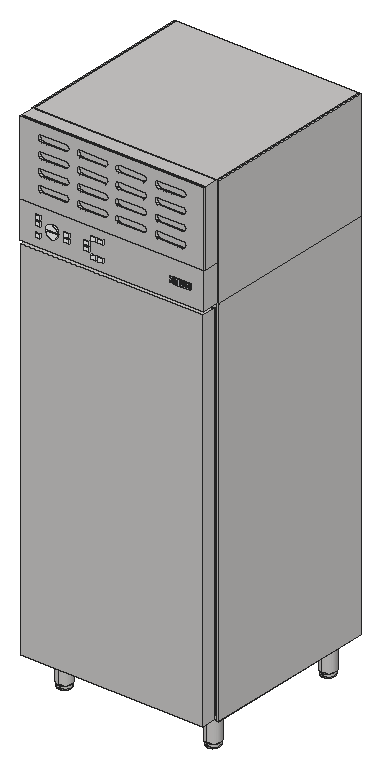
Revit family "QF_ELECTROLUXPROFESSIONAL_727899_RBF201", category Specialty Equipment, Revit 2018
Family settings
  Round Connector Dimension = Use Diameter
  Part Type = Normal
  Work Plane-Based = No
  Always vertical = Yes
  Cut with Voids When Loaded = No
  Shared = No
  Room Calculation Point = No
Parameters (values of type "Standard")
  Weight = 518.086 lbm
  Watts = 0 W
  Volts = 380 V
  URL Manufacturer = "http://professional.electrolux.com"
  URL = "http://professional.electrolux.com"
  Steam Supply Size = 0"
  Steam Supply Minimum Pressure = 0.00 psi
  Steam Supply Maximum Pressure = 0.00 psi
  Steam Pounds per Hour = 0
  Show Clearance [instance] = yes
  Refrigeration Suction Line Size = 0 mm
  Refrigeration Liquid Line Size = 0 mm
  Refrigerant Compressor Remote = yes
  Phase = 3
  Model = "RBF201"
  Manufacturer = "Electrolux Professional"
  Length Actual = 800 mm  # constant formula
  Item Number = "727899"
  Hot Water Size = 0"
  Height Actual = 2230 mm  # constant formula
  HP = "5.9 HP"
  Gas Size = 0"
  Gas KW = 0
  Gas Input Pressure = 0.0 Btu/h
  Direct Waste Size = 0"
  Description = "BLAST CHILLER/FREEZER 64/56KG 20 GN1/1-R452A"
  Depth Actual = 835 mm  # constant formula
  Cycle = 50 Hz
  Condensate Return Size = 0"
  Compressed Air Volume = 0 GPM
  Compressed Air Size = 0"
  Compressed Air Pressure = 0.00 psi
  Cold Water Size = 0"
  Accessory = yes
Reference planes
  plane 1 "BACK": y = 0
  plane 2: z = 0
  plane 3 "LEFT": x = 0
  plane 4 "RIGHT": x = 800
  plane 5 "FRONT": y = -834
  plane 6 "TOP": z = 2232
  plane 7 "Center Y": x = 400
  plane 8 "Center X": y = -417
  plane 9: x = 81
  plane 10: x = 719
  plane 11: z = 150
  plane 12: z = 86
  plane 13: y = -72
  plane 14: y = -760
  plane 15: y = -689
  plane 16: y = -510
  plane 17: y = -1570
Forms (mm)
  Extrusion 1, solid, material "QF_Metal - Stainless - Polished"
    sketch origin (0, 0, 0) x (1, 0, 0) y (0, 0, 1)
      loop
        line (0, 2232) -> (0, 150) -> (6.35, 150) -> (6.35, 2232) -> (0, 2232)
      loop
        line (800, 2232) -> (793.65, 2232) -> (793.65, 150) -> (800, 150) -> (800, 2232)
    from 0 to 762.669
  Extrusion 2, solid, material "QF_Metal - Stainless - Polished"
    sketch origin (0, 0, 0) x (1, 0, 0) y (0, 0, 1)
      loop
        line (6.35, 2232) -> (6.35, 1911.791) -> (793.65, 1911.791) -> (793.65, 2232) -> (6.35, 2232)
    from 763.472 to 824.478
  Extrusion 3, solid, material "QF_Metal - Stainless - Polished"
    sketch origin (0, 0, 0) x (1, 0, 0) y (0, 0, 1)
      loop
        line (6.35, 1911.791) -> (6.35, 1756.95) -> (793.65, 1756.95) -> (793.65, 1911.791) -> (6.35, 1911.791)
    from 763.472 to 834
  Extrusion 4, solid, material "QF_Metal - Stainless - Polished"
    sketch origin (0, 0, 0) x (1, 0, 0) y (0, 0, 1)
      loop
        line (6.35, 2232) -> (6.35, 1756.95) -> (793.65, 1756.95) -> (793.65, 2232) -> (6.35, 2232)
    from 0 to 762.669
  Extrusion 5, solid, material "QF_Metal - Stainless - Polished"
    sketch origin (0, 0, 0) x (1, 0, 0) y (0, 0, 1)
      loop
        line (0, 1756.95) -> (0, 150) -> (800, 150) -> (800, 1756.95) -> (0, 1756.95)
    from 0 to 760
  Extrusion 6, solid, material "QF_Metal - Stainless - Polished"
    sketch origin (0, 0, 0) x (1, 0, 0) y (0, 0, 1)
      loop
        line (9.35, 1742.499) -> (9.35, 158.956) -> (790.724, 158.956) -> (790.724, 1742.499) -> (9.35, 1742.499)
    from 834 to 777.64
  Revolve 7, solid, material "QF_Metal - Stainless - Polished"
    sketch origin (81, -1.833, 0) x (0, 1, 0) y (0, 0, 1)
      loop
        line (-724.954, 150) -> (-724.954, 145.008) -> (-719.28, 145.008) -> (-719.28, 21.074) -> (-715.767, 17.561) -> (-715.767, 6.021)
        arc (-715.767, 6.021) -> (-714.973, 2.655) -> (-712.757, 0) r 7.527
        line (-712.757, 0) -> (-687.167, 0) -> (-687.167, 150) -> (-724.954, 150)
      axis (-687.167, 0) -> (-687.167, 150)
    angle from 0 to 360
  Revolve 8, solid, material "QF_Metal - Stainless - Polished"
    sketch origin (81, -759.167, 0) x (0, -1, 0) y (0, 0, 1)
      loop
        line (-724.954, 150) -> (-724.954, 145.008) -> (-719.28, 145.008) -> (-719.28, 21.074) -> (-715.767, 17.561) -> (-715.767, 6.021)
        arc (-715.767, 6.021) -> (-714.973, 2.655) -> (-712.757, 0) r 7.527
        line (-712.757, 0) -> (-687.167, 0) -> (-687.167, 150) -> (-724.954, 150)
      axis (-687.167, 0) -> (-687.167, 150)
    angle from 0 to 360
  Extrusion 9, solid, material "QF_Metal - Stainless - Polished"
    sketch origin (0, 0, 0) x (1, 0, 0) y (0, 0, 1)
      loop
        line (232.815, 150) -> (232.815, 120.527) -> (567.815, 120.527) -> (567.815, 150) -> (561.415, 150) -> (561.415, 126.927) -> (239.215, 126.927) -> (239.215, 150) -> (232.815, 150)
    from 218.729 to 655.055
  Extrusion 10, solid, material "QF_Metal - Stainless - Polished"
    sketch origin (0, 0, 0) x (1, 0, 0) y (0, 0, 1)
      loop
        line (259.429, 120.527) -> (253.029, 120.527) -> (253.029, 86) -> (544.894, 86) -> (544.894, 120.527) -> (538.494, 120.527) -> (538.494, 95.527) -> (259.429, 95.527) -> (259.429, 120.527)
    from 333.038 to 655.055
  Extrusion 11, solid, material "QF_Metal - Stainless - Polished"
    sketch origin (0, -93, 0) x (1, 0, 0) y (0, 1, 0)
      loop
        circle (400, -417) r 20
    from 138.473 to 150
  Revolve 12, solid, material "QF_Metal - Stainless - Polished"
    sketch origin (719, -1.833, 0) x (0, 1, 0) y (0, 0, -1)
      loop
        line (-724.954, -150) -> (-687.167, -150) -> (-687.167, 0) -> (-712.757, 0)
        arc (-712.757, 0) -> (-714.973, -2.655) -> (-715.767, -6.021) r 7.527
        line (-715.767, -6.021) -> (-715.767, -17.561) -> (-719.28, -21.074) -> (-719.28, -145.008) -> (-724.954, -145.008) -> (-724.954, -150)
      axis (-687.167, 0) -> (-687.167, -150)
    angle from 0 to 360
  Revolve 13, solid, material "QF_Metal - Stainless - Polished"
    sketch origin (719, -759.167, 0) x (0, -1, 0) y (0, 0, 1)
      loop
        line (-724.954, 150) -> (-724.954, 145.008) -> (-719.28, 145.008) -> (-719.28, 21.074) -> (-715.767, 17.561) -> (-715.767, 6.021)
        arc (-715.767, 6.021) -> (-714.973, 2.655) -> (-712.757, 0) r 7.527
        line (-712.757, 0) -> (-687.167, 0) -> (-687.167, 150) -> (-724.954, 150)
      axis (-687.167, 0) -> (-687.167, 150)
    angle from 0 to 360
  Extrusion 14, solid, material "QF_Metal - Stainless - Polished"
    sketch origin (0, 0, 0) x (1, 0, 0) y (0, 0, 1)
      loop
        circle (400, 2039.083) r 20
    from -7.507 to 0
  Extrusion 15, solid, material "QF_Plastic - White - Smooth"
    sketch origin (0, -834, 0) x (1, 0, 0) y (0, 0, 1)
      loop
        line (75.078, 1879.851) -> (75.078, 1863.601) -> (95.078, 1863.601) -> (95.078, 1879.851) -> (75.078, 1879.851)
      loop
        line (75.078, 1809.851) -> (75.078, 1793.601) -> (95.078, 1793.601) -> (95.078, 1809.851) -> (75.078, 1809.851)
      loop
        line (75.078, 1854.851) -> (75.078, 1838.601) -> (95.078, 1838.601) -> (95.078, 1854.851) -> (75.078, 1854.851)
      loop
        line (120.078, 1838.601) -> (170.078, 1838.601)
        arc (170.078, 1838.601) -> (145.078, 1863.601) -> (120.078, 1838.601) r 25
      loop
        arc (120.078, 1833.601) -> (145.078, 1808.601) -> (170.078, 1833.601) r 25
        line (170.078, 1833.601) -> (120.078, 1833.601)
      loop
        line (198.715, 1854.851) -> (198.715, 1838.601) -> (218.715, 1838.601) -> (218.715, 1854.851) -> (198.715, 1854.851)
      loop
        line (198.715, 1832.081) -> (198.715, 1815.831) -> (218.715, 1815.831) -> (218.715, 1832.081) -> (198.715, 1832.081)
      loop
        line (283.715, 1854.851) -> (283.715, 1838.601) -> (303.715, 1838.601) -> (303.715, 1854.851) -> (283.715, 1854.851)
      loop
        line (283.715, 1832.081) -> (283.715, 1815.831) -> (303.715, 1815.831) -> (303.715, 1832.081) -> (283.715, 1832.081)
      loop
        line (314.587, 1879.851) -> (314.587, 1863.601) -> (334.587, 1863.601) -> (334.587, 1879.851) -> (314.587, 1879.851)
      loop
        line (344.587, 1879.851) -> (344.587, 1863.601) -> (364.587, 1863.601) -> (364.587, 1879.851) -> (344.587, 1879.851)
      loop
        line (314.587, 1809.851) -> (314.587, 1793.601) -> (334.587, 1793.601) -> (334.587, 1809.851) -> (314.587, 1809.851)
      loop
        line (344.587, 1809.851) -> (344.587, 1793.601) -> (364.587, 1793.601) -> (364.587, 1809.851) -> (344.587, 1809.851)
    from 0 to 4.861
  Extrusion 16, solid, material "QF_Rubber - Black - Smooth"
    sketch origin (0, -834, 0) x (1, 0, 0) y (0, 0, 1)
      loop
        line (14.427, 2223.577) -> (14.427, 1918.577) -> (789.427, 1918.577) -> (789.427, 2223.577) -> (14.427, 2223.577)
    from -74 to -70.528
  Extrusion 17, solid, material "QF_Rubber - Black - Smooth"
    sketch origin (0, -834, 0) x (1, 0, 0) y (0, 0, 1)
      loop
        line (17.672, 1735.07) -> (17.672, 165.07) -> (782.672, 165.07) -> (782.672, 1735.07) -> (17.672, 1735.07)
    from -74 to -56.36
  Extrusion 18, solid, material "QF_Metal - Stainless - Polished"
    sketch origin (0, -834, 0) x (1, 0, 0) y (0, 0, 1)
      loop
        line (6.35, 2232) -> (6.35, 1911.791) -> (793.65, 1911.791) -> (793.65, 2232) -> (6.35, 2232)
      loop
        arc (99.429, 2192.75) -> (84.429, 2177.75) -> (99.429, 2162.75) r 15
        line (99.429, 2162.75) -> (202.352, 2162.75)
        arc (202.352, 2162.75) -> (217.352, 2177.75) -> (202.352, 2192.75) r 15
        line (202.352, 2192.75) -> (99.429, 2192.75)
      loop
        arc (99.429, 2127.75) -> (84.429, 2112.75) -> (99.429, 2097.75) r 15
        line (99.429, 2097.75) -> (202.352, 2097.75)
        arc (202.352, 2097.75) -> (217.352, 2112.75) -> (202.352, 2127.75) r 15
        line (202.352, 2127.75) -> (99.429, 2127.75)
      loop
        arc (99.429, 2062.75) -> (84.429, 2047.75) -> (99.429, 2032.75) r 15
        line (99.429, 2032.75) -> (202.352, 2032.75)
        arc (202.352, 2032.75) -> (217.352, 2047.75) -> (202.352, 2062.75) r 15
        line (202.352, 2062.75) -> (99.429, 2062.75)
      loop
        arc (99.429, 1997.75) -> (84.429, 1982.75) -> (99.429, 1967.75) r 15
        line (99.429, 1967.75) -> (202.352, 1967.75)
        arc (202.352, 1967.75) -> (217.352, 1982.75) -> (202.352, 1997.75) r 15
        line (202.352, 1997.75) -> (99.429, 1997.75)
      loop
        arc (267.077, 2192.75) -> (252.077, 2177.75) -> (267.077, 2162.75) r 15
        line (267.077, 2162.75) -> (370, 2162.75)
        arc (370, 2162.75) -> (385, 2177.75) -> (370, 2192.75) r 15
        line (370, 2192.75) -> (267.077, 2192.75)
      loop
        arc (267.077, 2127.75) -> (252.077, 2112.75) -> (267.077, 2097.75) r 15
        line (267.077, 2097.75) -> (370, 2097.75)
        arc (370, 2097.75) -> (385, 2112.75) -> (370, 2127.75) r 15
        line (370, 2127.75) -> (267.077, 2127.75)
      loop
        arc (267.077, 2062.75) -> (252.077, 2047.75) -> (267.077, 2032.75) r 15
        line (267.077, 2032.75) -> (370, 2032.75)
        arc (370, 2032.75) -> (385, 2047.75) -> (370, 2062.75) r 15
        line (370, 2062.75) -> (267.077, 2062.75)
      loop
        arc (267.077, 1997.75) -> (252.077, 1982.75) -> (267.077, 1967.75) r 15
        line (267.077, 1967.75) -> (370, 1967.75)
        arc (370, 1967.75) -> (385, 1982.75) -> (370, 1997.75) r 15
        line (370, 1997.75) -> (267.077, 1997.75)
      loop
        arc (432.077, 2192.75) -> (417.077, 2177.75) -> (432.077, 2162.75) r 15
        line (432.077, 2162.75) -> (535, 2162.75)
        arc (535, 2162.75) -> (550, 2177.75) -> (535, 2192.75) r 15
        line (535, 2192.75) -> (432.077, 2192.75)
      loop
        arc (432.077, 2127.75) -> (417.077, 2112.75) -> (432.077, 2097.75) r 15
        line (432.077, 2097.75) -> (535, 2097.75)
        arc (535, 2097.75) -> (550, 2112.75) -> (535, 2127.75) r 15
        line (535, 2127.75) -> (432.077, 2127.75)
      loop
        arc (432.077, 2062.75) -> (417.077, 2047.75) -> (432.077, 2032.75) r 15
        line (432.077, 2032.75) -> (535, 2032.75)
        arc (535, 2032.75) -> (550, 2047.75) -> (535, 2062.75) r 15
        line (535, 2062.75) -> (432.077, 2062.75)
      loop
        arc (432.077, 1997.75) -> (417.077, 1982.75) -> (432.077, 1967.75) r 15
        line (432.077, 1967.75) -> (535, 1967.75)
        arc (535, 1967.75) -> (550, 1982.75) -> (535, 1997.75) r 15
        line (535, 1997.75) -> (432.077, 1997.75)
      loop
        arc (602.077, 2192.75) -> (587.077, 2177.75) -> (602.077, 2162.75) r 15
        line (602.077, 2162.75) -> (705, 2162.75)
        arc (705, 2162.75) -> (720, 2177.75) -> (705, 2192.75) r 15
        line (705, 2192.75) -> (602.077, 2192.75)
      loop
        arc (602.077, 2127.75) -> (587.077, 2112.75) -> (602.077, 2097.75) r 15
        line (602.077, 2097.75) -> (705, 2097.75)
        arc (705, 2097.75) -> (720, 2112.75) -> (705, 2127.75) r 15
        line (705, 2127.75) -> (602.077, 2127.75)
      loop
        arc (602.077, 2062.75) -> (587.077, 2047.75) -> (602.077, 2032.75) r 15
        line (602.077, 2032.75) -> (705, 2032.75)
        arc (705, 2032.75) -> (720, 2047.75) -> (705, 2062.75) r 15
        line (705, 2062.75) -> (602.077, 2062.75)
      loop
        arc (602.077, 1997.75) -> (587.077, 1982.75) -> (602.077, 1967.75) r 15
        line (602.077, 1967.75) -> (705, 1967.75)
        arc (705, 1967.75) -> (720, 1982.75) -> (705, 1997.75) r 15
        line (705, 1997.75) -> (602.077, 1997.75)
    from -9.522 to 0
  Extrusion 19, solid, material "QF_Door-Drawer Clearances", visible <- "Show Clearance", detail levels coarse
    sketch origin (0, 0, 0) x (1, 0, 0) y (0, 1, 0)
      loop
        line (790.724, -834) -> (6.831, -834)
        arc (6.831, -834) -> (246.297, -1364.488) -> (790.724, -1570.305) r 760.519
        line (790.724, -1570.305) -> (790.724, -834)
    from 158.956 to 1742.499
Lines and regions (mm)
  Split face 1
    outline origin (0, -834, 0) x (1, 0, 0) y (0, 0, 1)
      loop
        line (58.204, 1892.022) -> (58.204, 1775.815) -> (370.095, 1775.815) -> (370.095, 1892.022) -> (58.204, 1892.022)
  Split face 2
    outline origin (0, -834, 0) x (1, 0, 0) y (0, 0, 1)
      loop
        line (224.161, 1853.882) -> (224.161, 1838.882) -> (279.161, 1838.882) -> (279.161, 1853.882) -> (224.161, 1853.882)
  Split face 3
    outline origin (0, -834, 0) x (1, 0, 0) y (0, 0, 1)
      loop
        line (224.161, 1830.923) -> (224.161, 1815.923) -> (279.161, 1815.923) -> (279.161, 1830.923) -> (224.161, 1830.923)
  symbolic lines
    curve 1: line (0, 0, 0) -> (0, -762.669, 0)
    curve 2: line (800, 0, 0) -> (0, 0, 0)
    curve 3: line (800, -763.472, 0) -> (800, 0, 0)
    curve 4: line (0, -762.669, 0) -> (800, -762.669, 0)
    curve 5: line (800, -763.472, 0) -> (0, -763.472, 0)
    curve 6: line (0, -824.478, 0) -> (0, -834, 0)
    curve 7: line (0, -834, 0) -> (800, -834, 0)
    curve 8: line (800, -834, 0) -> (800, -824.478, 0)
    curve 9: line (0, -762.669, 0) -> (0, -824.478, 0)
    curve 10: line (800, -824.478, 0) -> (800, -763.472, 0)
    curve 11: line (14.427, -762.669, 0) -> (14.427, -763.472, 0)
    curve 12: line (789.421, -762.669, 0) -> (789.421, -763.472, 0)
  symbolic lines, style "QF_Door-Drawer Clearances"
    curve 13: line (790.724, -834, 0) -> (790.724, -1570.305, 0)
    curve 14: arc (790.724, -1570.305, 0) -> (246.297, -1364.488, 0) -> (6.831, -834, 0) r 760.519
Dimensions and locks
  equal spacing: plane 3 "LEFT", plane 7 "Center Y", plane 4 "RIGHT"
  plane 3 "LEFT" to plane 4 "RIGHT" = 800 mm
  equal spacing: plane 5 "FRONT", plane 8 "Center X", plane 1 "BACK"
  plane 5 "FRONT" to plane 1 "BACK" = 834 mm
  plane 6 "TOP" to level = 2232 mm
  plane 9 to plane 3 "LEFT" = 81 mm
  plane 10 to plane 4 "RIGHT" = 81 mm
  plane 10 to plane 9 = 638 mm
  plane 11 to level = 150 mm
  plane 12 to plane 11 = 64 mm
  plane 1 "BACK" to plane 13 = 72 mm
  plane 13 to plane 15 = 617 mm
  plane 15 to plane 14 = 71 mm
  plane 16 to plane 1 "BACK" = 510 mm
  plane 17 to plane 1 "BACK" = 1570 mm
  plane 3 "LEFT" to Extrusion 19 = 790.724 mm
  aligned and locked: level to plane 2
Automatic sketch dimensions
  Extrusion 1 sketch curve to plane 3 "LEFT" = 0 mm
  Extrusion 1 sketch curve to plane 6 "TOP" = 0 mm  (x2)
  plane 4 "RIGHT" to Extrusion 1 sketch curve = 0 mm
  plane 3 "LEFT" to Extrusion 1 sketch curve = 6.35 mm
  Extrusion 1 sketch curve to Extrusion 1 sketch curve = 6.35 mm
  level to Extrusion 1 sketch curve = 150 mm  (x2)
  Extrusion 2 sketch curve to plane 6 "TOP" = 0 mm
  plane 3 "LEFT" to Extrusion 2 sketch curve = 6.35 mm
  plane 4 "RIGHT" to Extrusion 2 sketch curve = 6.35 mm
  Extrusion 2 sketch curve to plane 6 "TOP" = 320.209 mm
  plane 3 "LEFT" to Extrusion 3 sketch curve = 6.35 mm
  plane 4 "RIGHT" to Extrusion 3 sketch curve = 6.35 mm
  Extrusion 3 sketch curve to plane 6 "TOP" = 475.05 mm
  Extrusion 3 sketch curve to Extrusion 3 sketch curve = 154.841 mm
  Extrusion 4 sketch curve to plane 6 "TOP" = 0 mm
  plane 3 "LEFT" to Extrusion 4 sketch curve = 6.35 mm
  plane 4 "RIGHT" to Extrusion 4 sketch curve = 6.35 mm
  Extrusion 4 sketch curve to plane 6 "TOP" = 475.05 mm
  Extrusion 5 sketch curve to plane 3 "LEFT" = 0 mm
  plane 4 "RIGHT" to Extrusion 5 sketch curve = 0 mm
  level to Extrusion 5 sketch curve = 150 mm
  Extrusion 5 sketch curve to plane 6 "TOP" = 475.05 mm
  plane 3 "LEFT" to Extrusion 6 sketch curve = 9.35 mm
  plane 4 "RIGHT" to Extrusion 6 sketch curve = 9.276 mm
  level to Extrusion 6 sketch curve = 158.956 mm
  Extrusion 6 sketch curve to plane 6 "TOP" = 489.501 mm
  Revolve 7 sketch curve to level = 0 mm
  Revolve 7 sketch curve to plane 5 "FRONT" = 107.213 mm
  Revolve 7 sketch curve to Revolve 7 sketch curve = 5.674 mm
  level to Revolve 7 sketch curve = 17.561 mm
  Revolve 7 sketch curve to Revolve 7 sketch curve = 3.513 mm  (x2)
  Revolve 7 sketch curve to Revolve 7 sketch curve = 3.01 mm
  level to Revolve 7 sketch curve = 6.021 mm
  Revolve 7 sketch curve to Revolve 7 sketch curve = 21.073 mm
  Revolve 7 sketch curve to Revolve 7 sketch curve = 123.934 mm
  Revolve 7 sketch curve to Revolve 7 sketch curve = 4.992 mm  (x2)
  Revolve 7 sketch curve to Revolve 7 sketch curve = 0 mm
  Revolve 7 sketch curve to Revolve 7 sketch curve = 20.008 mm
  Revolve 8 sketch curve to level = 0 mm
  Revolve 8 sketch curve to plane 1 "BACK" = 34.213 mm
  Revolve 8 sketch curve to Revolve 8 sketch curve = 5.674 mm
  Revolve 8 sketch curve to Revolve 8 sketch curve = 3.513 mm  (x2)
  Revolve 8 sketch curve to Revolve 8 sketch curve = 3.01 mm
  Revolve 8 sketch curve to level = 6.021 mm
  Revolve 8 sketch curve to Revolve 8 sketch curve = 21.073 mm
  Revolve 8 sketch curve to Revolve 8 sketch curve = 11.54 mm
  Revolve 8 sketch curve to Revolve 8 sketch curve = 123.934 mm
  Revolve 8 sketch curve to Revolve 8 sketch curve = 4.992 mm  (x2)
  Revolve 8 sketch curve to Revolve 8 sketch curve = 0 mm
  Revolve 8 sketch curve to Revolve 8 sketch curve = 20.008 mm
  Split face 1 sketch curve to Extrusion 3 = 18.866 mm
  Split face 1 sketch curve to Extrusion 3 = 51.854 mm
  Split face 1 sketch curve to Split face 1 sketch curve = 311.892 mm
  Split face 1 sketch curve to Extrusion 3 = 19.768 mm
  plane 9 to Extrusion 9 sketch curve = 151.815 mm
  Extrusion 9 sketch curve to Extrusion 9 sketch curve = 6.4 mm  (x3)
  plane 10 to Extrusion 9 sketch curve = 157.585 mm
  level to Extrusion 9 sketch curve = 120.527 mm
  Extrusion 9 sketch curve to Extrusion 9 sketch curve = 23.073 mm  (x2)
  Extrusion 10 sketch curve to plane 7 "Center Y" = 146.971 mm
  Extrusion 10 sketch curve to Extrusion 10 sketch curve = 6.4 mm  (x2)
  plane 7 "Center Y" to Extrusion 10 sketch curve = 138.494 mm
  level to Extrusion 10 sketch curve = 86 mm
  Extrusion 10 sketch curve to Extrusion 10 sketch curve = 9.527 mm
  Extrusion 10 sketch curve to Extrusion 10 sketch curve = 25 mm  (x2)
  Extrusion 11 sketch curve to plane 7 "Center Y" = 0 mm
  Extrusion 11 sketch curve to plane 8 "Center X" = 93 mm
  Revolve 12 sketch curve to level = 0 mm
  Revolve 12 sketch curve to plane 5 "FRONT" = 107.213 mm
  Revolve 12 sketch curve to Revolve 12 sketch curve = 5.674 mm
  level to Revolve 12 sketch curve = 17.561 mm
  Revolve 12 sketch curve to Revolve 12 sketch curve = 3.513 mm  (x2)
  Revolve 12 sketch curve to Revolve 12 sketch curve = 3.01 mm
  level to Revolve 12 sketch curve = 6.021 mm
  Revolve 12 sketch curve to Revolve 12 sketch curve = 21.073 mm
  Revolve 12 sketch curve to Revolve 12 sketch curve = 123.934 mm
  Revolve 12 sketch curve to Revolve 12 sketch curve = 4.992 mm  (x2)
  Revolve 12 sketch curve to Revolve 12 sketch curve = 0 mm
  Revolve 12 sketch curve to Revolve 12 sketch curve = 20.008 mm
  Revolve 13 sketch curve to level = 0 mm
  plane 1 "BACK" to Revolve 13 sketch curve = 34.213 mm
  Revolve 13 sketch curve to Revolve 13 sketch curve = 5.674 mm
  Revolve 13 sketch curve to Revolve 13 sketch curve = 3.513 mm  (x2)
  Revolve 13 sketch curve to Revolve 13 sketch curve = 3.01 mm
  level to Revolve 13 sketch curve = 6.021 mm
  Revolve 13 sketch curve to Revolve 13 sketch curve = 21.073 mm
  Revolve 13 sketch curve to Revolve 13 sketch curve = 11.54 mm
  Revolve 13 sketch curve to Revolve 13 sketch curve = 123.934 mm
  Revolve 13 sketch curve to Revolve 13 sketch curve = 4.992 mm  (x2)
  Revolve 13 sketch curve to Revolve 13 sketch curve = 0 mm
  Revolve 13 sketch curve to Revolve 13 sketch curve = 20.008 mm
  Extrusion 14 sketch curve to plane 7 "Center Y" = 0 mm
  Extrusion 14 sketch curve to plane 6 "TOP" = 192.917 mm
  Extrusion 15 sketch curve to Extrusion 3 = 31.94 mm  (x2)
  Extrusion 15 sketch curve to Extrusion 3 = 68.728 mm
  Extrusion 15 sketch curve to Extrusion 15 sketch curve = 0 mm  (x12)
  Extrusion 15 sketch curve to Extrusion 15 sketch curve = 20 mm  (x9)
  Extrusion 15 sketch curve to Extrusion 15 sketch curve = 25 mm  (x2)
  Extrusion 15 sketch curve to Extrusion 15 sketch curve = 28.636 mm
  Extrusion 15 sketch curve to Extrusion 15 sketch curve = 65 mm
  Extrusion 15 sketch curve to Extrusion 15 sketch curve = 10.872 mm  (x2)
  Extrusion 15 sketch curve to Extrusion 15 sketch curve = 10 mm  (x2)
  Extrusion 15 sketch curve to Extrusion 15 sketch curve = 16.25 mm  (x10)
  Extrusion 15 sketch curve to Extrusion 3 = 56.94 mm
  Extrusion 15 sketch curve to Extrusion 15 sketch curve = 8.75 mm  (x2)
  Extrusion 15 sketch curve to Extrusion 15 sketch curve = 5 mm
  Extrusion 15 sketch curve to Extrusion 15 sketch curve = 6.52 mm  (x2)
  Extrusion 15 sketch curve to Extrusion 15 sketch curve = 5.98 mm
  Extrusion 15 sketch curve to Extrusion 15 sketch curve = 28.75 mm
  Extrusion 16 sketch curve to Extrusion 3 = 8.077 mm
  Extrusion 16 sketch curve to Extrusion 3 = 4.223 mm
  Extrusion 3 to Extrusion 16 sketch curve = 6.786 mm
  Extrusion 16 sketch curve to Extrusion 16 sketch curve = 305 mm
  Extrusion 17 sketch curve to Extrusion 3 = 11.322 mm
  Extrusion 17 sketch curve to Extrusion 3 = 10.978 mm
  Extrusion 3 to Extrusion 17 sketch curve = 1591.88 mm
  Extrusion 3 to Extrusion 17 sketch curve = 21.88 mm
  Extrusion 18 sketch curve to Extrusion 3 = 0 mm
  Extrusion 3 to Extrusion 18 sketch curve = 0 mm  (x2)
  Extrusion 18 sketch curve to Extrusion 3 = 93.079 mm  (x2)
  Extrusion 18 sketch curve to Extrusion 18 sketch curve = 0 mm  (x20)
  Extrusion 18 sketch curve to Extrusion 18 sketch curve = 102.923 mm  (x3)
  Extrusion 18 sketch curve to Extrusion 18 sketch curve = 64.724 mm  (x2)
  Extrusion 18 sketch curve to Extrusion 18 sketch curve = 62.077 mm  (x2)
  Extrusion 18 sketch curve to Extrusion 18 sketch curve = 67.077 mm  (x2)
  Extrusion 18 sketch curve to Extrusion 3 = 88.65 mm
  Extrusion 3 to Extrusion 18 sketch curve = 55.959 mm  (x4)
  Extrusion 18 sketch curve to Extrusion 18 sketch curve = 15 mm  (x16)
  Extrusion 18 sketch curve to Extrusion 18 sketch curve = 35 mm  (x12)
  Extrusion 18 sketch curve to Extrusion 18 sketch curve = 39.25 mm
  Split face 2 sketch curve to Extrusion 3 = 72.908 mm
  Split face 2 sketch curve to Extrusion 3 = 217.811 mm
  Split face 2 sketch curve to Split face 2 sketch curve = 55 mm
  Split face 2 sketch curve to Split face 2 sketch curve = 15 mm
  Split face 3 sketch curve to Split face 3 sketch curve = 55 mm
  Split face 3 sketch curve to Split face 3 sketch curve = 15 mm
  Split face 3 sketch curve to Extrusion 3 = 58.973 mm
  Split face 3 sketch curve to Extrusion 3 = 217.811 mm
  plane 5 "FRONT" to Extrusion 19 sketch curve = 0 mm
  plane 4 "RIGHT" to Extrusion 19 sketch curve = 9.276 mm
  Extrusion 19 sketch curve to plane 17 = 0.305 mm
  plane 4 "RIGHT" to Extrusion 19 sketch curve = 33.024 mm
  Extrusion 19 sketch curve to plane 5 "FRONT" = 23.842 mm
  curve 5 to plane 3 "LEFT" = 0 mm
  plane 5 "FRONT" to curve 14 = 0 mm
  plane 9 to curve 13 = 709.724 mm
  plane 4 "RIGHT" to curve 14 = 33.024 mm
  curve 13 to plane 17 = 0.305 mm
  curve 8 to plane 5 "FRONT" = 9.522 mm
  curve 14 to plane 5 "FRONT" = 23.842 mm
  plane 14 to curve 10 = 3.472 mm
  curve 5 to curve 9 = 0.803 mm
  plane 4 "RIGHT" to curve 13 = 9.276 mm
  curve 2 to plane 4 "RIGHT" = 0 mm
  curve 12 to curve 4 = 10.579 mm
  plane 1 "BACK" to curve 3 = 0 mm
  plane 3 "LEFT" to curve 11 = 14.427 mm
  curve 6 to plane 5 "FRONT" = 9.522 mm
  radius of Extrusion 11 sketch curve = 20 mm
  radius of Extrusion 14 sketch curve = 20 mm
Nested families
  nested 1: "ZAN_Logo_S_Grey" at (693.65, -834, 1831.791) x (1, 0, 0) z (0, -1, 0), type "ZAN_Logo_S_Grey"
Connectors
  piping at (400, -510, 138.473), diameter 0.5
    settings: on Extrusion 11, index 1, connector inside diameter 24", connector length 0 mm, flow factor 0, pipe flow 0 GPM, pressure drop 0.00 psi, fitting loss kfactor 0, connector angle 0.00°, fixture units 0, engagement length 0 mm, angle of deflection 0.00°, flow configuration 1, flow direction 2, fitting loss method 0, system type 16, joint type 0, gender type 0, connector reference index -1, connector utility 0, adjustable connector no, is connector primary yes, connector description "Drain"
  electrical at (400, 7.507, 2039.083), driven by "Volts"
    settings: on Extrusion 14, index 2, voltage 380 V, apparent load 0 VA, apparent load phase1 0 VA, apparent load phase2 0 VA, apparent load phase3 0 VA, power factor 1, load classification "Other", number of poles 1, system type 30, power factor state 1, is connector primary yes, connector utility no, sub classification motor no, connector description "Electrical Connection"
Definition of nested family "ZAN_Logo_S_Grey"
  Parameters (values of type "ZAN_Logo_S_Grey")
    Default Elevation = 0 mm
  Reference planes
    plane 1 "Centro (Fronte/Retro)": y = 0
    plane 2: z = 0
    plane 3 "Centro (Sinistra/Destra)": x = 0
  Forms (mm)
    Extrusion 1, solid
      sketch origin (0, 0, 0) x (1, 0, 0) y (0, 1, 0)
        loop
          line (-1219.2, 1219.2) -> (-1219.2, -1219.2) -> (1219.2, -1219.2) -> (1219.2, 1219.2) -> (-1219.2, 1219.2)
      from 0 to -304.8
    Extrusion 2, solid
      sketch origin (17.793, -46.218, 0) x (-1, 0, 0) y (0, -1, 0)
        loop
          spline (-4.176, -58.079) -> (-3.496, -58.328) -> (-2.793, -58.512) -> (-2.075, -58.63) -> (-1.348, -58.682) -> (-0.619, -58.669) -> (0.106, -58.588) -> (0.818, -58.44) -> (1.512, -58.225) -> (2.18, -57.941) -> (2.817, -57.589) -> (3.414, -57.167) -> (3.966, -56.676)
          spline (3.966, -56.676) -> (4.293, -56.162) -> (4.575, -55.61) -> (4.81, -55.026) -> (5, -54.419) -> (5.146, -53.797) -> (5.247, -53.166) -> (5.304, -52.536) -> (5.318, -51.913) -> (5.288, -51.306) -> (5.217, -50.723) -> (5.103, -50.17) -> (4.949, -49.657)
          line (4.949, -49.657) -> (2.702, -46.428) -> (0.316, -44.323)
          spline (0.316, -44.323) -> (0.065, -44.115) -> (-0.195, -43.909) -> (-0.46, -43.704) -> (-0.729, -43.496) -> (-0.997, -43.282) -> (-1.263, -43.059) -> (-1.523, -42.825) -> (-1.774, -42.576) -> (-2.013, -42.309) -> (-2.238, -42.022) -> (-2.445, -41.712) -> (-2.632, -41.375)
          spline (-2.632, -41.375) -> (-2.666, -41.159) -> (-2.697, -40.934) -> (-2.722, -40.701) -> (-2.736, -40.465) -> (-2.736, -40.227) -> (-2.72, -39.989) -> (-2.682, -39.754) -> (-2.621, -39.524) -> (-2.533, -39.302) -> (-2.414, -39.091) -> (-2.261, -38.892) -> (-2.07, -38.708)
          line (-2.07, -38.708) -> (-0.245, -38.567)
          spline (-0.245, -38.567) -> (0.096, -38.8) -> (0.354, -39.074) -> (0.54, -39.381) -> (0.664, -39.716) -> (0.738, -40.073) -> (0.772, -40.445) -> (0.777, -40.825) -> (0.763, -41.208) -> (0.742, -41.588) -> (0.723, -41.957) -> (0.718, -42.309) -> (0.737, -42.638)
          line (0.737, -42.638) -> (5.65, -42.638)
          spline (5.65, -42.638) -> (5.708, -42.042) -> (5.741, -41.448) -> (5.747, -40.857) -> (5.723, -40.273) -> (5.668, -39.696) -> (5.58, -39.129) -> (5.457, -38.574) -> (5.297, -38.032) -> (5.098, -37.506) -> (4.857, -36.997) -> (4.574, -36.508) -> (4.247, -36.041)
          spline (4.247, -36.041) -> (3.844, -35.675) -> (3.409, -35.35) -> (2.946, -35.065) -> (2.458, -34.819) -> (1.949, -34.612) -> (1.421, -34.444) -> (0.88, -34.314) -> (0.326, -34.221) -> (-0.234, -34.165) -> (-0.8, -34.146) -> (-1.366, -34.163) -> (-1.93, -34.216)
          spline (-1.93, -34.216) -> (-2.526, -34.309) -> (-3.116, -34.448) -> (-3.695, -34.633) -> (-4.259, -34.861) -> (-4.801, -35.131) -> (-5.316, -35.444) -> (-5.799, -35.798) -> (-6.245, -36.191) -> (-6.648, -36.624) -> (-7.002, -37.095) -> (-7.303, -37.603) -> (-7.545, -38.146)
          spline (-7.545, -38.146) -> (-7.694, -38.815) -> (-7.792, -39.487) -> (-7.839, -40.158) -> (-7.836, -40.824) -> (-7.785, -41.482) -> (-7.685, -42.129) -> (-7.539, -42.762) -> (-7.347, -43.377) -> (-7.111, -43.97) -> (-6.83, -44.538) -> (-6.506, -45.078) -> (-6.141, -45.586)
          line (-6.141, -45.586) -> (-0.526, -50.64) -> (0.176, -51.482)
          spline (0.176, -51.482) -> (0.248, -51.66) -> (0.323, -51.843) -> (0.397, -52.03) -> (0.467, -52.22) -> (0.529, -52.412) -> (0.579, -52.605) -> (0.615, -52.798) -> (0.633, -52.989) -> (0.63, -53.179) -> (0.601, -53.366) -> (0.545, -53.55) -> (0.456, -53.728)
          spline (0.456, -53.728) -> (0.375, -53.892) -> (0.273, -54.034) -> (0.154, -54.155) -> (0.02, -54.258) -> (-0.126, -54.343) -> (-0.28, -54.412) -> (-0.441, -54.466) -> (-0.604, -54.508) -> (-0.767, -54.537) -> (-0.928, -54.556) -> (-1.082, -54.567) -> (-1.228, -54.57)
          line (-1.228, -54.57) -> (-2.632, -53.587) -> (-2.772, -50.64) -> (-7.405, -50.64)
          spline (-7.405, -50.64) -> (-7.41, -51.031) -> (-7.423, -51.432) -> (-7.44, -51.839) -> (-7.456, -52.251) -> (-7.469, -52.665) -> (-7.475, -53.079) -> (-7.468, -53.489) -> (-7.446, -53.894) -> (-7.404, -54.291) -> (-7.339, -54.679) -> (-7.247, -55.053) -> (-7.123, -55.412)
          spline (-7.123, -55.412) -> (-6.999, -55.693) -> (-6.837, -55.97) -> (-6.643, -56.244) -> (-6.422, -56.509) -> (-6.177, -56.765) -> (-5.913, -57.009) -> (-5.634, -57.238) -> (-5.346, -57.45) -> (-5.051, -57.643) -> (-4.755, -57.814) -> (-4.462, -57.96) -> (-4.176, -58.079)
        loop
          spline (-21.021, -55.552) -> (-20.633, -56.181) -> (-20.177, -56.736) -> (-19.661, -57.217) -> (-19.092, -57.627) -> (-18.478, -57.966) -> (-17.827, -58.237) -> (-17.147, -58.441) -> (-16.446, -58.578) -> (-15.73, -58.652) -> (-15.009, -58.662) -> (-14.29, -58.611) -> (-13.581, -58.5)
          spline (-13.581, -58.5) -> (-13.088, -58.407) -> (-12.595, -58.269) -> (-12.109, -58.088) -> (-11.636, -57.866) -> (-11.183, -57.605) -> (-10.756, -57.307) -> (-10.361, -56.974) -> (-10.004, -56.608) -> (-9.692, -56.211) -> (-9.431, -55.784) -> (-9.228, -55.33) -> (-9.089, -54.851)
          spline (-9.089, -54.851) -> (-8.873, -54.211) -> (-8.715, -53.559) -> (-8.615, -52.901) -> (-8.574, -52.241) -> (-8.592, -51.585) -> (-8.668, -50.938) -> (-8.802, -50.306) -> (-8.995, -49.693) -> (-9.247, -49.106) -> (-9.557, -48.55) -> (-9.925, -48.03) -> (-10.352, -47.551)
          line (-10.352, -47.551) -> (-15.546, -42.919) -> (-16.669, -41.234)
          spline (-16.669, -41.234) -> (-16.704, -41.021) -> (-16.735, -40.804) -> (-16.761, -40.583) -> (-16.778, -40.361) -> (-16.784, -40.139) -> (-16.774, -39.919) -> (-16.748, -39.701) -> (-16.7, -39.488) -> (-16.63, -39.28) -> (-16.533, -39.08) -> (-16.406, -38.889) -> (-16.248, -38.708)
          line (-16.248, -38.708) -> (-14.844, -38.427)
          spline (-14.844, -38.427) -> (-14.347, -38.545) -> (-13.969, -38.749) -> (-13.695, -39.028) -> (-13.508, -39.368) -> (-13.393, -39.757) -> (-13.335, -40.182) -> (-13.318, -40.63) -> (-13.326, -41.089) -> (-13.344, -41.546) -> (-13.356, -41.988) -> (-13.347, -42.403) -> (-13.3, -42.779)
          line (-13.3, -42.779) -> (-8.387, -42.638)
          spline (-8.387, -42.638) -> (-8.326, -42.034) -> (-8.288, -41.417) -> (-8.277, -40.794) -> (-8.299, -40.169) -> (-8.357, -39.548) -> (-8.457, -38.936) -> (-8.604, -38.339) -> (-8.803, -37.762) -> (-9.058, -37.21) -> (-9.375, -36.689) -> (-9.758, -36.204) -> (-10.212, -35.76)
          spline (-10.212, -35.76) -> (-10.793, -35.336) -> (-11.409, -34.976) -> (-12.054, -34.679) -> (-12.723, -34.445) -> (-13.409, -34.273) -> (-14.107, -34.163) -> (-14.811, -34.115) -> (-15.515, -34.127) -> (-16.213, -34.2) -> (-16.899, -34.333) -> (-17.568, -34.526) -> (-18.213, -34.777)
          spline (-18.213, -34.777) -> (-18.496, -34.897) -> (-18.783, -35.044) -> (-19.071, -35.216) -> (-19.357, -35.412) -> (-19.639, -35.629) -> (-19.915, -35.865) -> (-20.182, -36.119) -> (-20.438, -36.389) -> (-20.681, -36.672) -> (-20.907, -36.967) -> (-21.115, -37.272) -> (-21.301, -37.585)
          spline (-21.301, -37.585) -> (-21.55, -38.26) -> (-21.734, -38.948) -> (-21.854, -39.647) -> (-21.91, -40.351) -> (-21.901, -41.057) -> (-21.828, -41.761) -> (-21.69, -42.459) -> (-21.489, -43.148) -> (-21.222, -43.823) -> (-20.892, -44.48) -> (-20.497, -45.116) -> (-20.038, -45.726)
          line (-20.038, -45.726) -> (-14.142, -51.061) -> (-13.44, -52.886) -> (-14.002, -54.289) -> (-15.265, -54.57) -> (-16.669, -53.587) -> (-16.81, -50.78) -> (-21.582, -50.64)
          spline (-21.582, -50.64) -> (-21.558, -51.063) -> (-21.55, -51.491) -> (-21.554, -51.92) -> (-21.561, -52.35) -> (-21.567, -52.778) -> (-21.565, -53.201) -> (-21.547, -53.619) -> (-21.509, -54.029) -> (-21.444, -54.43) -> (-21.345, -54.818) -> (-21.206, -55.193) -> (-21.021, -55.552)
        loop
          line (-22.424, -34.216) -> (-27.337, -34.216) -> (-27.337, -58.22) -> (-22.424, -58.22) -> (-22.424, -34.216)
        loop
          line (14.213, -39.971) -> (14.213, -58.22) -> (19.126, -58.22) -> (19.126, -42.077) -> (18.845, -38.146) -> (18.424, -37.164) -> (17.442, -35.9) -> (16.459, -35.199) -> (14.494, -34.356) -> (13.511, -34.216) -> (11.265, -34.216) -> (10.142, -34.497) -> (8.458, -35.479) -> (6.493, -38.287) -> (6.352, -39.269) -> (6.352, -58.22) -> (11.265, -58.22) -> (11.265, -40.392) -> (11.827, -39.129) -> (13.371, -38.988) -> (14.213, -39.971)
        loop
          line (20.249, -58.22) -> (24.741, -58.22) -> (24.741, -42.919) -> (28.812, -58.22) -> (34.006, -58.22) -> (34.006, -34.216) -> (29.654, -34.216) -> (29.654, -50.078) -> (25.583, -34.216) -> (20.249, -34.216) -> (20.249, -58.22)
        loop
          line (50.149, -58.22) -> (62.361, -58.22) -> (62.361, -53.728) -> (55.904, -53.868) -> (62.923, -39.129) -> (62.923, -34.216) -> (50.149, -34.216) -> (50.149, -39.129) -> (57.517, -39.129) -> (50.149, -54.149) -> (50.149, -58.22)
        loop
          line (38.778, -58.22) -> (45.516, -58.22) -> (49.868, -34.216) -> (44.814, -34.216) -> (44.113, -38.848) -> (40.042, -38.848) -> (39.34, -34.216) -> (34.286, -34.216) -> (38.778, -58.22)
        loop
          line (43.551, -43.2) -> (40.744, -43.2) -> (42.147, -54.117) -> (43.551, -43.2)
      from 0 to 1.644
  Dimensions and locks
    aligned and locked: plane 2 to Extrusion 1
    aligned and locked: level to Extrusion 1
